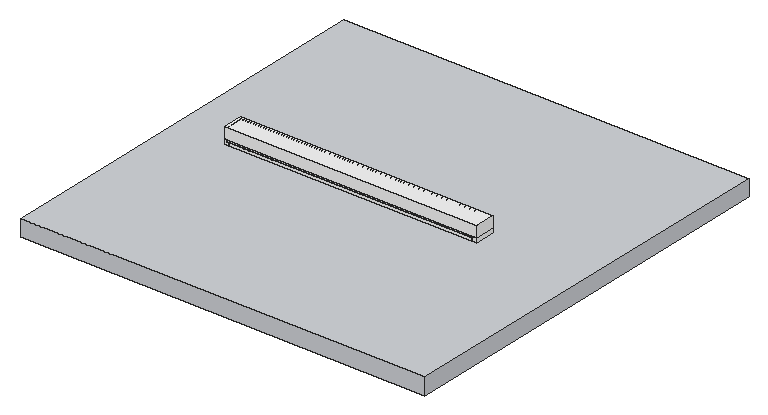
Revit family "Zumtobel PERLUCE O LED", category Lighting Fixtures, host Face, Revit 2016
Family settings
  Host = Face
  Part Type = Normal
  Round Connector Dimension = Use Diameter
  OmniClass Number = 23.80.70.11
  OmniClass Title = Luminaries for Internal Lighting
  Cut with Voids When Loaded = No
  Light Source = Yes
  Shared = No
  Room Calculation Point = No
Parameters (values of type "PERLUCE O LED4600-840 L1520 LDE IP50 WH")
  Width = 120 mm
  Wattage = 30.6984 W
  built-in parameter 1150110 = 1 (stored number, unit not read)
  Voltage = 230 V
  URL = "http://www.zumtobel.com/42182766"
  Type Comments = "© Zumtobel. We reserve the right to make technical changes without prior notice."  # constant formula
  built-in parameter 1114217 = 1 (stored number, unit not read)
  Tilt Angle = -90.00°
  built-in parameter 1150109 = 1 (stored number, unit not read)
  built-in parameter 1150134 = 12
  Host Offset [instance] = 0 mm
  Body = Zumtobel_Metal_White
  built-in parameter 1150113 = 1 (stored number, unit not read)
  Photometric Web File = "42182766_(STD_LEO).IES"
  Model = "42182766"
  Manufacturer = "Zumtobel Lighting"  # constant formula
  built-in parameter 1150105 = 362.87 (stored number, unit not read)
  Lumens = 4560 lm
  built-in parameter 1150115 = 1 (stored number, unit not read)
  built-in parameter 1150137 = (empty or 0)
  built-in parameter 1150139 = (empty or 0)
  Length = 1520 mm
  built-in parameter 1150112 = 1 (stored number, unit not read)
  built-in parameter 1150114 = 1 (stored number, unit not read)
  Lamp = "LED"
  built-in parameter 1150132 = 2
  built-in parameter 1150102 = (empty or 0)
  built-in parameter 1150107 = 4000 (stored number, unit not read)
  built-in parameter 1150138 = (empty or 0)
  built-in parameter 1150106 = 3.6287 (stored number, unit not read)
  Height = 91 mm  # constant formula
  Emit from Rectangle Width = Length  # 1520 mm
  built-in parameter 1150128 = Width  # 120 mm
  Emit Shape Visible in Rendering = no
  built-in parameter 1150104 = 13.8 (stored number, unit not read)
  Dimming Lamp Color Temperature Shift = <None>
  Description = "Opal diffuser LED luminaires"
  Default Elevation = 0 mm
  Cover = Zumtobel_PMMA_White_Self_Illumination
  Color Filter = 16777215
  built-in parameter 1114218 = 1 (stored number, unit not read)
  Emit from Rectangle Length = 3048 mm
  Assembly Code = "D5020200"
  Apparent Load = 45 VA
Types (4, lengths in mm): name | Wattage | URL | Photometric Web File | Model | built-in parameter 1150105 | Lumens | Length | built-in parameter 1150106 | Emit from Rectangle Width | Apparent Load
  PERLUCE O LED4600-840 L1520 LDE IP50 WH | 30.6984 W | "http://www.zumtobel.com/42182766" | "42182766_(STD_LEO).IES" | "42182766" | 362.87 (stored number, unit not read) | 4560 lm | 1520 | 3.6287 (stored number, unit not read) | 1520 | 45 VA
  PERLUCE O LED4600-840 L1520 LDE IP54 WH | 30.6984 W | "http://www.zumtobel.com/42182767" | "42182767_(STD_LEO).IES" | "42182767" | 362.87 (stored number, unit not read) | 4560 lm | 1520 | 3.6287 (stored number, unit not read) | 1520 | 45 VA
  PERLUCE O LED3800-840 L1220 LDE IP54 WH | 24.5722 W | "http://www.zumtobel.com/42182764" | "42182764_(STD_LEO).IES" | "42182764" | 290.46 (stored number, unit not read) | 3650 lm | 1220 | 2.9046 (stored number, unit not read) | 1220 | 36 VA
  PERLUCE O LED3800-840 L1220 LDE IP50 WH | 24.5722 W | "http://www.zumtobel.com/42182763" | "42182763_(STD_LEO).IES" | "42182763" | 290.46 (stored number, unit not read) | 3650 lm | 1220 | 2.9046 (stored number, unit not read) | 1220 | 36 VA
Reference planes
  plane 1 "Center (Front/Back)": y = 0
  plane 2 "Top": z = 0
  plane 3 "Center (Left/Right)": x = -155.5
  plane 4 "Back": y = 60
  plane 5 "Front": y = -60
  plane 6: x = 604.5
  plane 7: x = -915.5
  plane 8: z = 91
  plane 9: z = 16
  plane 10: z = 28
  plane 11 "Cover Interior": z = 88.5
  plane 12: z = 38
  plane 13: z = 86
  plane 14 "Back Cover": z = 0
  plane 15: x = -887.5
  plane 16: x = 576.5
Forms (mm)
  Extrusion 1, solid
    sketch origin (0, 0, 0) x (1, 0, 0) y (0, 1, 0)
      loop
        line (-1219.2, 1219.2) -> (-1219.2, -1219.2) -> (1219.2, -1219.2) -> (1219.2, 1219.2) -> (-1219.2, 1219.2)
    from 0 to -100
  Extrusion 2, solid, material "Zumtobel_Metal_White" <- "Body", detail levels medium+fine
    sketch origin (0, 0, 250) x (1, 0, 0) y (0, 0, 1)
      loop
        line (590.5, -234) -> (590.5, -222) -> (-901.5, -222) -> (-901.5, -234) -> (590.5, -234)
    from -55 to 55
  Extrusion 3, solid, material "Zumtobel_PMMA_White_Self_Illumination" <- "Cover", detail levels medium+fine
    sketch origin (0, 0, 0) x (1, 0, 0) y (0, 0, 1)
      loop
        line (-915.5, 28) -> (-905.5, 28) -> (-905.5, 88.5) -> (594.5, 88.5) -> (594.5, 28) -> (604.5, 28) -> (604.5, 91) -> (-915.5, 91) -> (-915.5, 28)
    from -60 to 60
  Extrusion 4, solid, material "Zumtobel_PMMA_White_Self_Illumination" <- "Cover", detail levels medium+fine
    sketch origin (0, -60, 0) x (1, 0, 0) y (0, 0, 1)
      loop
        line (-915.5, 91) -> (-915.5, 28) -> (604.5, 28) -> (604.5, 91) -> (-915.5, 91)
    from 0 to -10
  Extrusion 5, solid, material "Zumtobel_PMMA_White_Self_Illumination" <- "Cover", detail levels medium+fine
    sketch origin (0, 60, 0) x (1, 0, 0) y (0, 0, 1)
      loop
        line (-915.5, 91) -> (-915.5, 28) -> (604.5, 28) -> (604.5, 91) -> (-915.5, 91)
    from 0 to 10
  Extrusion 6, solid, material "Zumtobel_Metal_White" <- "Body", detail levels medium+fine
    sketch origin (0, 60, 0) x (1, 0, 0) y (0, 0, 1)
      loop
        line (-887.5, 0) -> (576.5, 0) -> (576.5, 16) -> (-887.5, 16) -> (-887.5, 0)
    from 0 to 120
  Extrusion 7, solid, material "Zumtobel_Metal_White" <- "Body", detail levels medium+fine
    sketch origin (20, 60, 0) x (1, 0, 0) y (0, 0, 1)
      loop
        line (584.5, 0) -> (584.5, 28) -> (570.5, 28) -> (570.5, 16) -> (556.5, 16) -> (556.5, 0) -> (584.5, 0)
      loop
        line (-935.5, 0) -> (-907.5, 0) -> (-907.5, 16) -> (-921.5, 16) -> (-921.5, 28) -> (-935.5, 28) -> (-935.5, 0)
    from 0 to 120
Cuts and joins
  joined: Extrusion 3, Extrusion 4, Extrusion 5
Lines and regions (mm)
  symbolic lines, style "Zumtobel Lighting", detail levels coarse
    curve 1: line (604.5, 60, 0) -> (604.5, -60, 0)
    curve 2: line (604.5, 0, 0) -> (-915.5, 0, 0)
    curve 3: line (-915.5, 60, 0) -> (-915.5, -60, 0)
Dimensions and locks
  "Length": plane 7 to plane 6
  equal spacing: plane 7, plane 3 "Center (Left/Right)", plane 6
  plane 12 to plane 10 to plane 9 to plane 14 "Back Cover" = 10 mm locked, 12 mm locked, 16 mm locked
  plane 8 to plane 11 "Cover Interior" to plane 13 = 2.5 mm locked, 2.5 mm locked
  "Height": plane 8 to plane 14 "Back Cover"
  "Host Offset": plane 14 "Back Cover" to plane 2 "Top"
  plane 3 "Center (Left/Right)" to connector elem = 0 mm
  locked: connector elem to plane 1 "Center (Front/Back)" at 0
  equal spacing: plane 5 "Front", plane 1 "Center (Front/Back)", plane 4 "Back"
  "Width": plane 5 "Front" to plane 4 "Back"
  locked: plane 15 to plane 7 at 28
  locked: plane 16 to plane 6 at 28
  aligned and locked: plane 2 "Top" to Extrusion 1
  aligned and locked: level to Extrusion 1
  aligned: Extrusion 2 to plane 4 "Back"
  aligned: plane 5 "Front" to Extrusion 2
  aligned and locked: Extrusion 2 sketch curve to plane 10
  aligned and locked: plane 7 to Extrusion 3 sketch curve
  aligned and locked: Extrusion 3 sketch curve to plane 6
  aligned and locked: Extrusion 3 sketch curve to plane 10
  aligned and locked: Extrusion 3 sketch curve to plane 11 "Cover Interior"
  aligned and locked: plane 10 to Extrusion 3 sketch curve
  aligned and locked: plane 5 "Front" to Extrusion 3
  aligned and locked: plane 7 to Extrusion 4 sketch curve
  aligned and locked: Extrusion 4 sketch curve to plane 10
  aligned and locked: plane 6 to Extrusion 4 sketch curve
  aligned and locked: Extrusion 5 sketch curve to plane 6
  aligned and locked: plane 8 to Extrusion 5 sketch curve
  aligned and locked: Extrusion 5 sketch curve to plane 7
  aligned and locked: Extrusion 5 sketch curve to plane 10
  aligned and locked: imposter light to plane 8
  aligned and locked: Extrusion 6 sketch curve to plane 14 "Back Cover"
  aligned and locked: cut or joined group of Extrusion 3, Extrusion 4, Extrusion 5 to plane 4 "Back"
  aligned and locked: plane 9 to Extrusion 2 sketch curve
  aligned and locked: plane 16 to Extrusion 6 sketch curve
  aligned and locked: plane 15 to Extrusion 6 sketch curve
  aligned and locked: Extrusion 6 to plane 4 "Back"
  aligned and locked: plane 5 "Front" to Extrusion 6
  aligned and locked: plane 6 to Extrusion 7 sketch curve
  aligned and locked: Extrusion 7 sketch curve to Extrusion 2
  aligned and locked: cut or joined group of Extrusion 3, Extrusion 4, Extrusion 5 to Extrusion 7 sketch curve
  aligned and locked: Extrusion 7 sketch curve to Extrusion 6
  aligned and locked: Extrusion 7 sketch curve to plane 7
  aligned and locked: plane 15 to Extrusion 7 sketch curve
  aligned and locked: plane 4 "Back" to curve 1
  aligned and locked: plane 5 "Front" to curve 1
  aligned and locked: plane 6 to curve 1
  aligned and locked: curve 2 to plane 7
  aligned and locked: plane 6 to curve 2
Automatic sketch dimensions
  Extrusion 1 sketch curve to Extrusion 1 sketch curve = 2438.4 mm  (x2)
  plane 7 to Extrusion 2 sketch curve = 14 mm
  plane 6 to Extrusion 2 sketch curve = 14 mm
  Extrusion 3 sketch curve to plane 8 = 0 mm
  plane 7 to Extrusion 3 sketch curve = 10 mm
  plane 6 to Extrusion 3 sketch curve = 10 mm
  Extrusion 4 sketch curve to plane 8 = 0 mm
  Extrusion 6 sketch curve to plane 9 = 0 mm
  Extrusion 7 sketch curve to plane 10 = 0 mm
  Extrusion 7 sketch curve to plane 9 = 0 mm  (x2)
  Extrusion 7 sketch curve to level = 0 mm  (x2)
  Extrusion 7 sketch curve to Extrusion 7 sketch curve = 14 mm
  plane 5 "Front" to curve 3 = 0 mm
  plane 1 "Center (Front/Back)" to curve 2 = 0 mm
  plane 4 "Back" to curve 3 = 0 mm
Connectors
  electrical at (-155.5, 0, 0), driven by "Apparent Load", driven by "Voltage"
    settings: index 1, voltage 230 V, apparent load 0 VA, apparent load phase1 45 VA, apparent load phase2 0 VA, apparent load phase3 0 VA, power factor 1, load classification "Lighting", number of poles 1, system type 31, power factor state 1, is connector primary yes, connector utility no, sub classification motor no, connector description "Power"
